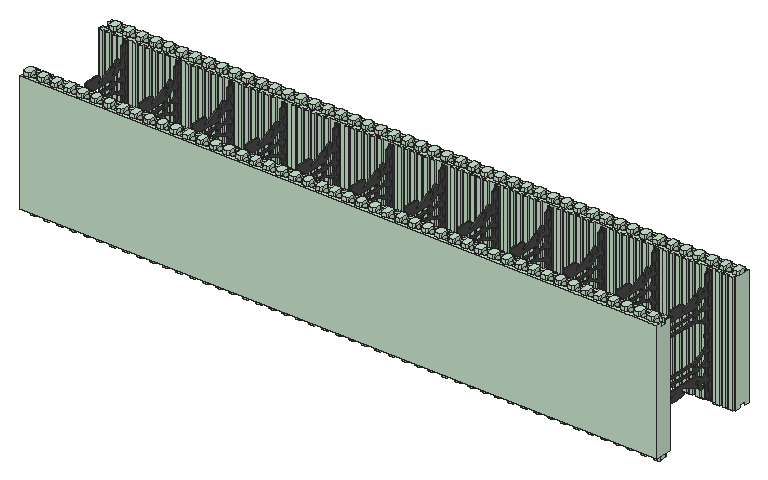
Revit family (continued)
Forms (in)
  Extrusion 44, void
    sketch origin (84, -3, 0) x (1, 0, 0) y (0, 1, 0)
      loop
        arc (1.17308, -3.73905) -> (1.04785, -3.82983) -> (1, -3.97692) r 0.25
        line (1, -3.97692) -> (1, -4.89808)
    from 18 to 17.5
  Extrusion 45, void
    sketch origin (86, -3, 0) x (1, 0, 0) y (0, 1, 0)
      loop
        arc (1, -4.89808) -> (1.04785, -5.04517) -> (1.17308, -5.13595) r 0.25
        arc (1.17308, -5.13595) -> (1.5, -5.1875) -> (1.82692, -5.13595) r 1.0625
        arc (1.82692, -5.13595) -> (1.95215, -5.04517) -> (2, -4.89808) r 0.25
        line (2, -4.89808) -> (2, -3.97692)
        arc (2, -3.97692) -> (1.98276, -3.88568) -> (1.9334, -3.80702) r 0.25
        arc (1.9334, -3.80702) -> (1.92106, -3.78736) -> (1.91675, -3.76455) r 0.0625
        line (1.91675, -3.76455) -> (1.91675, -3.41845) -> (1.74592, -3.41845) -> (1.74592, -3.64005)
        arc (1.74592, -3.64005) -> (1.72385, -3.68771) -> (1.67323, -3.70172) r 0.0625
        arc (1.67323, -3.70172) -> (1.42092, -3.69045) -> (1.17308, -3.73905) r 1.0625
        arc (1.17308, -3.73905) -> (1.04785, -3.82983) -> (1, -3.97692) r 0.25
        line (1, -3.97692) -> (1, -4.89808)
    from 18 to 17.5
  Extrusion 46, void
    sketch origin (88, -3, 0) x (1, 0, 0) y (0, 1, 0)
      loop
        arc (1, -4.89808) -> (1.04785, -5.04517) -> (1.17308, -5.13595) r 0.25
        arc (1.17308, -5.13595) -> (1.5, -5.1875) -> (1.82692, -5.13595) r 1.0625
        arc (1.82692, -5.13595) -> (1.95215, -5.04517) -> (2, -4.89808) r 0.25
        line (2, -4.89808) -> (2, -3.97692)
        arc (2, -3.97692) -> (1.98276, -3.88568) -> (1.9334, -3.80702) r 0.25
        arc (1.9334, -3.80702) -> (1.92106, -3.78736) -> (1.91675, -3.76455) r 0.0625
        line (1.91675, -3.76455) -> (1.91675, -3.41845) -> (1.74592, -3.41845) -> (1.74592, -3.64005)
        arc (1.74592, -3.64005) -> (1.72385, -3.68771) -> (1.67323, -3.70172) r 0.0625
        arc (1.67323, -3.70172) -> (1.42092, -3.69045) -> (1.17308, -3.73905) r 1.0625
        arc (1.17308, -3.73905) -> (1.04785, -3.82983) -> (1, -3.97692) r 0.25
        line (1, -3.97692) -> (1, -4.89808)
    from 18 to 17.5
  Extrusion 47, void
    sketch origin (90, -3, 0) x (1, 0, 0) y (0, 1, 0)
      loop
        arc (1, -4.89808) -> (1.04785, -5.04517) -> (1.17308, -5.13595) r 0.25
        arc (1.17308, -5.13595) -> (1.5, -5.1875) -> (1.82692, -5.13595) r 1.0625
        arc (1.82692, -5.13595) -> (1.95215, -5.04517) -> (2, -4.89808) r 0.25
        line (2, -4.89808) -> (2, -3.97692)
        arc (2, -3.97692) -> (1.98276, -3.88568) -> (1.9334, -3.80702) r 0.25
        arc (1.9334, -3.80702) -> (1.92106, -3.78736) -> (1.91675, -3.76455) r 0.0625
        line (1.91675, -3.76455) -> (1.91675, -3.41845) -> (1.74592, -3.41845) -> (1.74592, -3.64005)
        arc (1.74592, -3.64005) -> (1.72385, -3.68771) -> (1.67323, -3.70172) r 0.0625
        arc (1.67323, -3.70172) -> (1.42092, -3.69045) -> (1.17308, -3.73905) r 1.0625
        arc (1.17308, -3.73905) -> (1.04785, -3.82983) -> (1, -3.97692) r 0.25
        line (1, -3.97692) -> (1, -4.89808)
    from 18 to 17.5
  Extrusion 48, void
    sketch origin (92, -3, 0) x (1, 0, 0) y (0, 1, 0)
      loop
        arc (1, -4.89808) -> (1.04785, -5.04517) -> (1.17308, -5.13595) r 0.25
        arc (1.17308, -5.13595) -> (1.5, -5.1875) -> (1.82692, -5.13595) r 1.0625
        arc (1.82692, -5.13595) -> (1.95215, -5.04517) -> (2, -4.89808) r 0.25
        line (2, -4.89808) -> (2, -3.97692)
        arc (2, -3.97692) -> (1.98276, -3.88568) -> (1.9334, -3.80702) r 0.25
        arc (1.9334, -3.80702) -> (1.92106, -3.78736) -> (1.91675, -3.76455) r 0.0625
        line (1.91675, -3.76455) -> (1.91675, -3.41845) -> (1.74592, -3.41845) -> (1.74592, -3.64005)
        arc (1.74592, -3.64005) -> (1.72385, -3.68771) -> (1.67323, -3.70172) r 0.0625
        arc (1.67323, -3.70172) -> (1.42092, -3.69045) -> (1.17308, -3.73905) r 1.0625
        arc (1.17308, -3.73905) -> (1.04785, -3.82983) -> (1, -3.97692) r 0.25
        line (1, -3.97692) -> (1, -4.89808)
    from 18 to 17.5
  Extrusion 49, void
    sketch origin (94, -3, 0) x (1, 0, 0) y (0, 1, 0)
      loop
        arc (1, -4.89808) -> (1.04785, -5.04517) -> (1.17308, -5.13595) r 0.25
        arc (1.17308, -5.13595) -> (1.5, -5.1875) -> (1.82692, -5.13595) r 1.0625
        arc (1.82692, -5.13595) -> (1.95215, -5.04517) -> (2, -4.89808) r 0.25
        line (2, -4.89808) -> (2, -3.97692)
        arc (2, -3.97692) -> (1.98276, -3.88568) -> (1.9334, -3.80702) r 0.25
        arc (1.9334, -3.80702) -> (1.92106, -3.78736) -> (1.91675, -3.76455) r 0.0625
        line (1.91675, -3.76455) -> (1.91675, -3.41845) -> (1.74592, -3.41845) -> (1.74592, -3.64005)
        arc (1.74592, -3.64005) -> (1.72385, -3.68771) -> (1.67323, -3.70172) r 0.0625
        arc (1.67323, -3.70172) -> (1.42092, -3.69045) -> (1.17308, -3.73905) r 1.0625
        arc (1.17308, -3.73905) -> (1.04785, -3.82983) -> (1, -3.97692) r 0.25
        line (1, -3.97692) -> (1, -4.89808)
    from 18 to 17.5
  Extrusion 50, void
    sketch origin (96, 3, 0) x (-1, 0, 0) y (0, -1, 0)
      loop
        arc (1, -4.89808) -> (1.04785, -5.04517) -> (1.17308, -5.13595) r 0.25
        arc (1.17308, -5.13595) -> (1.5, -5.1875) -> (1.82692, -5.13595) r 1.0625
        arc (1.82692, -5.13595) -> (1.95215, -5.04517) -> (2, -4.89808) r 0.25
        line (2, -4.89808) -> (2, -3.97692)
        arc (2, -3.97692) -> (1.98276, -3.88568) -> (1.9334, -3.80702) r 0.25
        arc (1.9334, -3.80702) -> (1.92106, -3.78736) -> (1.91675, -3.76455) r 0.0625
        line (1.91675, -3.76455) -> (1.91675, -3.41845) -> (1.74592, -3.41845) -> (1.74592, -3.64005)
        arc (1.74592, -3.64005) -> (1.72385, -3.68771) -> (1.67323, -3.70172) r 0.0625
        arc (1.67323, -3.70172) -> (1.42092, -3.69045) -> (1.17308, -3.73905) r 1.0625
        arc (1.17308, -3.73905) -> (1.04785, -3.82983) -> (1, -3.97692) r 0.25
        line (1, -3.97692) -> (1, -4.89808)
    from 18 to 17.5
  Extrusion 51, void
    sketch origin (94, 3, 0) x (-1, 0, 0) y (0, -1, 0)
      loop
        arc (1, -4.89808) -> (1.04785, -5.04517) -> (1.17308, -5.13595) r 0.25
        arc (1.17308, -5.13595) -> (1.5, -5.1875) -> (1.82692, -5.13595) r 1.0625
        arc (1.82692, -5.13595) -> (1.95215, -5.04517) -> (2, -4.89808) r 0.25
        line (2, -4.89808) -> (2, -3.97692)
        arc (2, -3.97692) -> (1.98276, -3.88568) -> (1.9334, -3.80702) r 0.25
        arc (1.9334, -3.80702) -> (1.92106, -3.78736) -> (1.91675, -3.76455) r 0.0625
        line (1.91675, -3.76455) -> (1.91675, -3.41845) -> (1.74592, -3.41845) -> (1.74592, -3.64005)
        arc (1.74592, -3.64005) -> (1.72385, -3.68771) -> (1.67323, -3.70172) r 0.0625
        arc (1.67323, -3.70172) -> (1.42092, -3.69045) -> (1.17308, -3.73905) r 1.0625
        arc (1.17308, -3.73905) -> (1.04785, -3.82983) -> (1, -3.97692) r 0.25
        line (1, -3.97692) -> (1, -4.89808)
    from 18 to 17.5
  Extrusion 52, void
    sketch origin (92, 3, 0) x (-1, 0, 0) y (0, -1, 0)
      loop
        arc (1, -4.89808) -> (1.04785, -5.04517) -> (1.17308, -5.13595) r 0.25
        arc (1.17308, -5.13595) -> (1.5, -5.1875) -> (1.82692, -5.13595) r 1.0625
        arc (1.82692, -5.13595) -> (1.95215, -5.04517) -> (2, -4.89808) r 0.25
        line (2, -4.89808) -> (2, -3.97692)
        arc (2, -3.97692) -> (1.98276, -3.88568) -> (1.9334, -3.80702) r 0.25
        arc (1.9334, -3.80702) -> (1.92106, -3.78736) -> (1.91675, -3.76455) r 0.0625
        line (1.91675, -3.76455) -> (1.91675, -3.41845) -> (1.74592, -3.41845) -> (1.74592, -3.64005)
        arc (1.74592, -3.64005) -> (1.72385, -3.68771) -> (1.67323, -3.70172) r 0.0625
        arc (1.67323, -3.70172) -> (1.42092, -3.69045) -> (1.17308, -3.73905) r 1.0625
        arc (1.17308, -3.73905) -> (1.04785, -3.82983) -> (1, -3.97692) r 0.25
        line (1, -3.97692) -> (1, -4.89808)
    from 18 to 17.5
  Extrusion 53, void
    sketch origin (90, 3, 0) x (-1, 0, 0) y (0, -1, 0)
      loop
        arc (1, -4.89808) -> (1.04785, -5.04517) -> (1.17308, -5.13595) r 0.25
        arc (1.17308, -5.13595) -> (1.5, -5.1875) -> (1.82692, -5.13595) r 1.0625
        arc (1.82692, -5.13595) -> (1.95215, -5.04517) -> (2, -4.89808) r 0.25
        line (2, -4.89808) -> (2, -3.97692)
        arc (2, -3.97692) -> (1.98276, -3.88568) -> (1.9334, -3.80702) r 0.25
        arc (1.9334, -3.80702) -> (1.92106, -3.78736) -> (1.91675, -3.76455) r 0.0625
        line (1.91675, -3.76455) -> (1.91675, -3.41845) -> (1.74592, -3.41845) -> (1.74592, -3.64005)
        arc (1.74592, -3.64005) -> (1.72385, -3.68771) -> (1.67323, -3.70172) r 0.0625
        arc (1.67323, -3.70172) -> (1.42092, -3.69045) -> (1.17308, -3.73905) r 1.0625
        arc (1.17308, -3.73905) -> (1.04785, -3.82983) -> (1, -3.97692) r 0.25
        line (1, -3.97692) -> (1, -4.89808)
    from 18 to 17.5
  Extrusion 54, void
    sketch origin (88, 3, 0) x (-1, 0, 0) y (0, -1, 0)
      loop
        arc (1, -4.89808) -> (1.04785, -5.04517) -> (1.17308, -5.13595) r 0.25
        arc (1.17308, -5.13595) -> (1.5, -5.1875) -> (1.82692, -5.13595) r 1.0625
        arc (1.82692, -5.13595) -> (1.95215, -5.04517) -> (2, -4.89808) r 0.25
        line (2, -4.89808) -> (2, -3.97692)
        arc (2, -3.97692) -> (1.98276, -3.88568) -> (1.9334, -3.80702) r 0.25
        arc (1.9334, -3.80702) -> (1.92106, -3.78736) -> (1.91675, -3.76455) r 0.0625
        line (1.91675, -3.76455) -> (1.91675, -3.41845) -> (1.74592, -3.41845) -> (1.74592, -3.64005)
        arc (1.74592, -3.64005) -> (1.72385, -3.68771) -> (1.67323, -3.70172) r 0.0625
        arc (1.67323, -3.70172) -> (1.42092, -3.69045) -> (1.17308, -3.73905) r 1.0625
        arc (1.17308, -3.73905) -> (1.04785, -3.82983) -> (1, -3.97692) r 0.25
        line (1, -3.97692) -> (1, -4.89808)
    from 18 to 17.5
  Extrusion 55, void
    sketch origin (86, 3, 0) x (-1, 0, 0) y (0, -1, 0)
      loop
        arc (1, -4.89808) -> (1.04785, -5.04517) -> (1.17308, -5.13595) r 0.25
        arc (1.17308, -5.13595) -> (1.5, -5.1875) -> (1.82692, -5.13595) r 1.0625
        arc (1.82692, -5.13595) -> (1.95215, -5.04517) -> (2, -4.89808) r 0.25
        line (2, -4.89808) -> (2, -3.97692)
        arc (2, -3.97692) -> (1.98276, -3.88568) -> (1.9334, -3.80702) r 0.25
        arc (1.9334, -3.80702) -> (1.92106, -3.78736) -> (1.91675, -3.76455) r 0.0625
        line (1.91675, -3.76455) -> (1.91675, -3.41845) -> (1.74592, -3.41845) -> (1.74592, -3.64005)
        arc (1.74592, -3.64005) -> (1.72385, -3.68771) -> (1.67323, -3.70172) r 0.0625
        arc (1.67323, -3.70172) -> (1.42092, -3.69045) -> (1.17308, -3.73905) r 1.0625
        arc (1.17308, -3.73905) -> (1.04785, -3.82983) -> (1, -3.97692) r 0.25
        line (1, -3.97692) -> (1, -4.89808)
    from 18 to 17.5
  Extrusion 56, void
    sketch origin (84, 3, 0) x (-1, 0, 0) y (0, -1, 0)
      loop
        arc (1, -4.89808) -> (1.04785, -5.04517) -> (1.17308, -5.13595) r 0.25
        arc (1.17308, -5.13595) -> (1.5, -5.1875) -> (1.82692, -5.13595) r 1.0625
        arc (1.82692, -5.13595) -> (1.95215, -5.04517) -> (2, -4.89808) r 0.25
        line (2, -4.89808) -> (2, -3.97692)
        arc (2, -3.97692) -> (1.98276, -3.88568) -> (1.9334, -3.80702) r 0.25
        arc (1.9334, -3.80702) -> (1.92106, -3.78736) -> (1.91675, -3.76455) r 0.0625
        line (1.91675, -3.76455) -> (1.91675, -3.41845) -> (1.74592, -3.41845) -> (1.74592, -3.64005)
        arc (1.74592, -3.64005) -> (1.72385, -3.68771) -> (1.67323, -3.70172) r 0.0625
        arc (1.67323, -3.70172) -> (1.42092, -3.69045) -> (1.17308, -3.73905) r 1.0625
        arc (1.17308, -3.73905) -> (1.04785, -3.82983) -> (1, -3.97692) r 0.25
        line (1, -3.97692) -> (1, -4.89808)
    from 18 to 17.5
  Extrusion 57, void
    sketch origin (82, 3, 0) x (-1, 0, 0) y (0, -1, 0)
      loop
        arc (1, -4.89808) -> (1.04785, -5.04517) -> (1.17308, -5.13595) r 0.25
        arc (1.17308, -5.13595) -> (1.5, -5.1875) -> (1.82692, -5.13595) r 1.0625
        arc (1.82692, -5.13595) -> (1.95215, -5.04517) -> (2, -4.89808) r 0.25
        line (2, -4.89808) -> (2, -3.97692)
        arc (2, -3.97692) -> (1.98276, -3.88568) -> (1.9334, -3.80702) r 0.25
        arc (1.9334, -3.80702) -> (1.92106, -3.78736) -> (1.91675, -3.76455) r 0.0625
        line (1.91675, -3.76455) -> (1.91675, -3.41845) -> (1.74592, -3.41845) -> (1.74592, -3.64005)
        arc (1.74592, -3.64005) -> (1.72385, -3.68771) -> (1.67323, -3.70172) r 0.0625
        arc (1.67323, -3.70172) -> (1.42092, -3.69045) -> (1.17308, -3.73905) r 1.0625
        arc (1.17308, -3.73905) -> (1.04785, -3.82983) -> (1, -3.97692) r 0.25
        line (1, -3.97692) -> (1, -4.89808)
    from 18 to 17.5
  Extrusion 58, void
    sketch origin (80, 3, 0) x (-1, 0, 0) y (0, -1, 0)
      loop
        arc (1, -4.89808) -> (1.04785, -5.04517) -> (1.17308, -5.13595) r 0.25
        arc (1.17308, -5.13595) -> (1.5, -5.1875) -> (1.82692, -5.13595) r 1.0625
        arc (1.82692, -5.13595) -> (1.95215, -5.04517) -> (2, -4.89808) r 0.25
        line (2, -4.89808) -> (2, -3.97692)
        arc (2, -3.97692) -> (1.98276, -3.88568) -> (1.9334, -3.80702) r 0.25
        arc (1.9334, -3.80702) -> (1.92106, -3.78736) -> (1.91675, -3.76455) r 0.0625
        line (1.91675, -3.76455) -> (1.91675, -3.41845) -> (1.74592, -3.41845) -> (1.74592, -3.64005)
        arc (1.74592, -3.64005) -> (1.72385, -3.68771) -> (1.67323, -3.70172) r 0.0625
        arc (1.67323, -3.70172) -> (1.42092, -3.69045) -> (1.17308, -3.73905) r 1.0625
        arc (1.17308, -3.73905) -> (1.04785, -3.82983) -> (1, -3.97692) r 0.25
        line (1, -3.97692) -> (1, -4.89808)
    from 18 to 17.5
  Extrusion 59, void
    sketch origin (78, 3, 0) x (-1, 0, 0) y (0, -1, 0)
      loop
        arc (1, -4.89808) -> (1.04785, -5.04517) -> (1.17308, -5.13595) r 0.25
        arc (1.17308, -5.13595) -> (1.5, -5.1875) -> (1.82692, -5.13595) r 1.0625
        arc (1.82692, -5.13595) -> (1.95215, -5.04517) -> (2, -4.89808) r 0.25
        line (2, -4.89808) -> (2, -3.97692)
        arc (2, -3.97692) -> (1.98276, -3.88568) -> (1.9334, -3.80702) r 0.25
        arc (1.9334, -3.80702) -> (1.92106, -3.78736) -> (1.91675, -3.76455) r 0.0625
        line (1.91675, -3.76455) -> (1.91675, -3.41845) -> (1.74592, -3.41845) -> (1.74592, -3.64005)
        arc (1.74592, -3.64005) -> (1.72385, -3.68771) -> (1.67323, -3.70172) r 0.0625
        arc (1.67323, -3.70172) -> (1.42092, -3.69045) -> (1.17308, -3.73905) r 1.0625
        arc (1.17308, -3.73905) -> (1.04785, -3.82983) -> (1, -3.97692) r 0.25
        line (1, -3.97692) -> (1, -4.89808)
    from 18 to 17.5
  Extrusion 60, void
    sketch origin (76, 3, 0) x (-1, 0, 0) y (0, -1, 0)
      loop
        arc (1, -4.89808) -> (1.04785, -5.04517) -> (1.17308, -5.13595) r 0.25
        arc (1.17308, -5.13595) -> (1.5, -5.1875) -> (1.82692, -5.13595) r 1.0625
        arc (1.82692, -5.13595) -> (1.95215, -5.04517) -> (2, -4.89808) r 0.25
        line (2, -4.89808) -> (2, -3.97692)
        arc (2, -3.97692) -> (1.98276, -3.88568) -> (1.9334, -3.80702) r 0.25
        arc (1.9334, -3.80702) -> (1.92106, -3.78736) -> (1.91675, -3.76455) r 0.0625
        line (1.91675, -3.76455) -> (1.91675, -3.41845) -> (1.74592, -3.41845) -> (1.74592, -3.64005)
        arc (1.74592, -3.64005) -> (1.72385, -3.68771) -> (1.67323, -3.70172) r 0.0625
        arc (1.67323, -3.70172) -> (1.42092, -3.69045) -> (1.17308, -3.73905) r 1.0625
        arc (1.17308, -3.73905) -> (1.04785, -3.82983) -> (1, -3.97692) r 0.25
        line (1, -3.97692) -> (1, -4.89808)
    from 18 to 17.5
  Extrusion 61, void
    sketch origin (74, 3, 0) x (-1, 0, 0) y (0, -1, 0)
      loop
        arc (1, -4.89808) -> (1.04785, -5.04517) -> (1.17308, -5.13595) r 0.25
        arc (1.17308, -5.13595) -> (1.5, -5.1875) -> (1.82692, -5.13595) r 1.0625
        arc (1.82692, -5.13595) -> (1.95215, -5.04517) -> (2, -4.89808) r 0.25
        line (2, -4.89808) -> (2, -3.97692)
        arc (2, -3.97692) -> (1.98276, -3.88568) -> (1.9334, -3.80702) r 0.25
        arc (1.9334, -3.80702) -> (1.92106, -3.78736) -> (1.91675, -3.76455) r 0.0625
        line (1.91675, -3.76455) -> (1.91675, -3.41845) -> (1.74592, -3.41845) -> (1.74592, -3.64005)
        arc (1.74592, -3.64005) -> (1.72385, -3.68771) -> (1.67323, -3.70172) r 0.0625
        arc (1.67323, -3.70172) -> (1.42092, -3.69045) -> (1.17308, -3.73905) r 1.0625
        arc (1.17308, -3.73905) -> (1.04785, -3.82983) -> (1, -3.97692) r 0.25
        line (1, -3.97692) -> (1, -4.89808)
    from 18 to 17.5
  Extrusion 62, void
    sketch origin (72, 3, 0) x (-1, 0, 0) y (0, -1, 0)
      loop
        arc (1, -4.89808) -> (1.04785, -5.04517) -> (1.17308, -5.13595) r 0.25
        arc (1.17308, -5.13595) -> (1.5, -5.1875) -> (1.82692, -5.13595) r 1.0625
        arc (1.82692, -5.13595) -> (1.95215, -5.04517) -> (2, -4.89808) r 0.25
        line (2, -4.89808) -> (2, -3.97692)
        arc (2, -3.97692) -> (1.98276, -3.88568) -> (1.9334, -3.80702) r 0.25
        arc (1.9334, -3.80702) -> (1.92106, -3.78736) -> (1.91675, -3.76455) r 0.0625
        line (1.91675, -3.76455) -> (1.91675, -3.41845) -> (1.74592, -3.41845) -> (1.74592, -3.64005)
        arc (1.74592, -3.64005) -> (1.72385, -3.68771) -> (1.67323, -3.70172) r 0.0625
        arc (1.67323, -3.70172) -> (1.42092, -3.69045) -> (1.17308, -3.73905) r 1.0625
        arc (1.17308, -3.73905) -> (1.04785, -3.82983) -> (1, -3.97692) r 0.25
        line (1, -3.97692) -> (1, -4.89808)
    from 18 to 17.5
  Extrusion 63, void
    sketch origin (70, 3, 0) x (-1, 0, 0) y (0, -1, 0)
      loop
        arc (1, -4.89808) -> (1.04785, -5.04517) -> (1.17308, -5.13595) r 0.25
        arc (1.17308, -5.13595) -> (1.5, -5.1875) -> (1.82692, -5.13595) r 1.0625
        arc (1.82692, -5.13595) -> (1.95215, -5.04517) -> (2, -4.89808) r 0.25
        line (2, -4.89808) -> (2, -3.97692)
        arc (2, -3.97692) -> (1.98276, -3.88568) -> (1.9334, -3.80702) r 0.25
        arc (1.9334, -3.80702) -> (1.92106, -3.78736) -> (1.91675, -3.76455) r 0.0625
        line (1.91675, -3.76455) -> (1.91675, -3.41845) -> (1.74592, -3.41845) -> (1.74592, -3.64005)
        arc (1.74592, -3.64005) -> (1.72385, -3.68771) -> (1.67323, -3.70172) r 0.0625
        arc (1.67323, -3.70172) -> (1.42092, -3.69045) -> (1.17308, -3.73905) r 1.0625
        arc (1.17308, -3.73905) -> (1.04785, -3.82983) -> (1, -3.97692) r 0.25
        line (1, -3.97692) -> (1, -4.89808)
    from 18 to 17.5
  Extrusion 64, void
    sketch origin (68, 3, 0) x (-1, 0, 0) y (0, -1, 0)
      loop
        arc (1, -4.89808) -> (1.04785, -5.04517) -> (1.17308, -5.13595) r 0.25
        arc (1.17308, -5.13595) -> (1.5, -5.1875) -> (1.82692, -5.13595) r 1.0625
        arc (1.82692, -5.13595) -> (1.95215, -5.04517) -> (2, -4.89808) r 0.25
        line (2, -4.89808) -> (2, -3.97692)
        arc (2, -3.97692) -> (1.98276, -3.88568) -> (1.9334, -3.80702) r 0.25
        arc (1.9334, -3.80702) -> (1.92106, -3.78736) -> (1.91675, -3.76455) r 0.0625
        line (1.91675, -3.76455) -> (1.91675, -3.41845) -> (1.74592, -3.41845) -> (1.74592, -3.64005)
        arc (1.74592, -3.64005) -> (1.72385, -3.68771) -> (1.67323, -3.70172) r 0.0625
        arc (1.67323, -3.70172) -> (1.42092, -3.69045) -> (1.17308, -3.73905) r 1.0625
        arc (1.17308, -3.73905) -> (1.04785, -3.82983) -> (1, -3.97692) r 0.25
        line (1, -3.97692) -> (1, -4.89808)
    from 18 to 17.5
  Extrusion 65, void
    sketch origin (66, 3, 0) x (-1, 0, 0) y (0, -1, 0)
      loop
        arc (1, -4.89808) -> (1.04785, -5.04517) -> (1.17308, -5.13595) r 0.25
        arc (1.17308, -5.13595) -> (1.5, -5.1875) -> (1.82692, -5.13595) r 1.0625
        arc (1.82692, -5.13595) -> (1.95215, -5.04517) -> (2, -4.89808) r 0.25
        line (2, -4.89808) -> (2, -3.97692)
        arc (2, -3.97692) -> (1.98276, -3.88568) -> (1.9334, -3.80702) r 0.25
        arc (1.9334, -3.80702) -> (1.92106, -3.78736) -> (1.91675, -3.76455) r 0.0625
        line (1.91675, -3.76455) -> (1.91675, -3.41845) -> (1.74592, -3.41845) -> (1.74592, -3.64005)
        arc (1.74592, -3.64005) -> (1.72385, -3.68771) -> (1.67323, -3.70172) r 0.0625
        arc (1.67323, -3.70172) -> (1.42092, -3.69045) -> (1.17308, -3.73905) r 1.0625
        arc (1.17308, -3.73905) -> (1.04785, -3.82983) -> (1, -3.97692) r 0.25
        line (1, -3.97692) -> (1, -4.89808)
    from 18 to 17.5
  Extrusion 66, void
    sketch origin (64, 3, 0) x (-1, 0, 0) y (0, -1, 0)
      loop
        arc (1, -4.89808) -> (1.04785, -5.04517) -> (1.17308, -5.13595) r 0.25
        arc (1.17308, -5.13595) -> (1.5, -5.1875) -> (1.82692, -5.13595) r 1.0625
        arc (1.82692, -5.13595) -> (1.95215, -5.04517) -> (2, -4.89808) r 0.25
        line (2, -4.89808) -> (2, -3.97692)
        arc (2, -3.97692) -> (1.98276, -3.88568) -> (1.9334, -3.80702) r 0.25
        arc (1.9334, -3.80702) -> (1.92106, -3.78736) -> (1.91675, -3.76455) r 0.0625
        line (1.91675, -3.76455) -> (1.91675, -3.41845) -> (1.74592, -3.41845) -> (1.74592, -3.64005)
        arc (1.74592, -3.64005) -> (1.72385, -3.68771) -> (1.67323, -3.70172) r 0.0625
        arc (1.67323, -3.70172) -> (1.42092, -3.69045) -> (1.17308, -3.73905) r 1.0625
        arc (1.17308, -3.73905) -> (1.04785, -3.82983) -> (1, -3.97692) r 0.25
        line (1, -3.97692) -> (1, -4.89808)
    from 18 to 17.5
  Extrusion 67, void
    sketch origin (62, 3, 0) x (-1, 0, 0) y (0, -1, 0)
      loop
        arc (1, -4.89808) -> (1.04785, -5.04517) -> (1.17308, -5.13595) r 0.25
        arc (1.17308, -5.13595) -> (1.5, -5.1875) -> (1.82692, -5.13595) r 1.0625
        arc (1.82692, -5.13595) -> (1.95215, -5.04517) -> (2, -4.89808) r 0.25
        line (2, -4.89808) -> (2, -3.97692)
        arc (2, -3.97692) -> (1.98276, -3.88568) -> (1.9334, -3.80702) r 0.25
        arc (1.9334, -3.80702) -> (1.92106, -3.78736) -> (1.91675, -3.76455) r 0.0625
        line (1.91675, -3.76455) -> (1.91675, -3.41845) -> (1.74592, -3.41845) -> (1.74592, -3.64005)
        arc (1.74592, -3.64005) -> (1.72385, -3.68771) -> (1.67323, -3.70172) r 0.0625
        arc (1.67323, -3.70172) -> (1.42092, -3.69045) -> (1.17308, -3.73905) r 1.0625
        arc (1.17308, -3.73905) -> (1.04785, -3.82983) -> (1, -3.97692) r 0.25
        line (1, -3.97692) -> (1, -4.89808)
    from 18 to 17.5
  Extrusion 68, void
    sketch origin (60, 3, 0) x (-1, 0, 0) y (0, -1, 0)
      loop
        arc (1, -4.89808) -> (1.04785, -5.04517) -> (1.17308, -5.13595) r 0.25
        arc (1.17308, -5.13595) -> (1.5, -5.1875) -> (1.82692, -5.13595) r 1.0625
        arc (1.82692, -5.13595) -> (1.95215, -5.04517) -> (2, -4.89808) r 0.25
        line (2, -4.89808) -> (2, -3.97692)
        arc (2, -3.97692) -> (1.98276, -3.88568) -> (1.9334, -3.80702) r 0.25
        arc (1.9334, -3.80702) -> (1.92106, -3.78736) -> (1.91675, -3.76455) r 0.0625
        line (1.91675, -3.76455) -> (1.91675, -3.41845) -> (1.74592, -3.41845) -> (1.74592, -3.64005)
        arc (1.74592, -3.64005) -> (1.72385, -3.68771) -> (1.67323, -3.70172) r 0.0625
        arc (1.67323, -3.70172) -> (1.42092, -3.69045) -> (1.17308, -3.73905) r 1.0625
        arc (1.17308, -3.73905) -> (1.04785, -3.82983) -> (1, -3.97692) r 0.25
        line (1, -3.97692) -> (1, -4.89808)
    from 18 to 17.5
  Extrusion 69, void
    sketch origin (58, 3, 0) x (-1, 0, 0) y (0, -1, 0)
      loop
        arc (1, -4.89808) -> (1.04785, -5.04517) -> (1.17308, -5.13595) r 0.25
        arc (1.17308, -5.13595) -> (1.5, -5.1875) -> (1.82692, -5.13595) r 1.0625
        arc (1.82692, -5.13595) -> (1.95215, -5.04517) -> (2, -4.89808) r 0.25
        line (2, -4.89808) -> (2, -3.97692)
        arc (2, -3.97692) -> (1.98276, -3.88568) -> (1.9334, -3.80702) r 0.25
        arc (1.9334, -3.80702) -> (1.92106, -3.78736) -> (1.91675, -3.76455) r 0.0625
        line (1.91675, -3.76455) -> (1.91675, -3.41845) -> (1.74592, -3.41845) -> (1.74592, -3.64005)
        arc (1.74592, -3.64005) -> (1.72385, -3.68771) -> (1.67323, -3.70172) r 0.0625
        arc (1.67323, -3.70172) -> (1.42092, -3.69045) -> (1.17308, -3.73905) r 1.0625
        arc (1.17308, -3.73905) -> (1.04785, -3.82983) -> (1, -3.97692) r 0.25
        line (1, -3.97692) -> (1, -4.89808)
    from 18 to 17.5
  Extrusion 70, void
    sketch origin (56, 3, 0) x (-1, 0, 0) y (0, -1, 0)
      loop
        arc (1, -4.89808) -> (1.04785, -5.04517) -> (1.17308, -5.13595) r 0.25
        arc (1.17308, -5.13595) -> (1.5, -5.1875) -> (1.82692, -5.13595) r 1.0625
        arc (1.82692, -5.13595) -> (1.95215, -5.04517) -> (2, -4.89808) r 0.25
        line (2, -4.89808) -> (2, -3.97692)
        arc (2, -3.97692) -> (1.98276, -3.88568) -> (1.9334, -3.80702) r 0.25
        arc (1.9334, -3.80702) -> (1.92106, -3.78736) -> (1.91675, -3.76455) r 0.0625
        line (1.91675, -3.76455) -> (1.91675, -3.41845) -> (1.74592, -3.41845) -> (1.74592, -3.64005)
        arc (1.74592, -3.64005) -> (1.72385, -3.68771) -> (1.67323, -3.70172) r 0.0625
        arc (1.67323, -3.70172) -> (1.42092, -3.69045) -> (1.17308, -3.73905) r 1.0625
        arc (1.17308, -3.73905) -> (1.04785, -3.82983) -> (1, -3.97692) r 0.25
        line (1, -3.97692) -> (1, -4.89808)
    from 18 to 17.5
  Extrusion 71, void
    sketch origin (54, 3, 0) x (-1, 0, 0) y (0, -1, 0)
      loop
        arc (1, -4.89808) -> (1.04785, -5.04517) -> (1.17308, -5.13595) r 0.25
        arc (1.17308, -5.13595) -> (1.5, -5.1875) -> (1.82692, -5.13595) r 1.0625
        arc (1.82692, -5.13595) -> (1.95215, -5.04517) -> (2, -4.89808) r 0.25
        line (2, -4.89808) -> (2, -3.97692)
        arc (2, -3.97692) -> (1.98276, -3.88568) -> (1.9334, -3.80702) r 0.25
        arc (1.9334, -3.80702) -> (1.92106, -3.78736) -> (1.91675, -3.76455) r 0.0625
        line (1.91675, -3.76455) -> (1.91675, -3.41845) -> (1.74592, -3.41845) -> (1.74592, -3.64005)
        arc (1.74592, -3.64005) -> (1.72385, -3.68771) -> (1.67323, -3.70172) r 0.0625
        arc (1.67323, -3.70172) -> (1.42092, -3.69045) -> (1.17308, -3.73905) r 1.0625
        arc (1.17308, -3.73905) -> (1.04785, -3.82983) -> (1, -3.97692) r 0.25
        line (1, -3.97692) -> (1, -4.89808)
    from 18 to 17.5
  Extrusion 72, void
    sketch origin (52, 3, 0) x (-1, 0, 0) y (0, -1, 0)
      loop
        arc (1, -4.89808) -> (1.04785, -5.04517) -> (1.17308, -5.13595) r 0.25
        arc (1.17308, -5.13595) -> (1.5, -5.1875) -> (1.82692, -5.13595) r 1.0625
        arc (1.82692, -5.13595) -> (1.95215, -5.04517) -> (2, -4.89808) r 0.25
        line (2, -4.89808) -> (2, -3.97692)
        arc (2, -3.97692) -> (1.98276, -3.88568) -> (1.9334, -3.80702) r 0.25
        arc (1.9334, -3.80702) -> (1.92106, -3.78736) -> (1.91675, -3.76455) r 0.0625
        line (1.91675, -3.76455) -> (1.91675, -3.41845) -> (1.74592, -3.41845) -> (1.74592, -3.64005)
        arc (1.74592, -3.64005) -> (1.72385, -3.68771) -> (1.67323, -3.70172) r 0.0625
        arc (1.67323, -3.70172) -> (1.42092, -3.69045) -> (1.17308, -3.73905) r 1.0625
        arc (1.17308, -3.73905) -> (1.04785, -3.82983) -> (1, -3.97692) r 0.25
        line (1, -3.97692) -> (1, -4.89808)
    from 18 to 17.5
  Extrusion 73, void
    sketch origin (50, 3, 0) x (-1, 0, 0) y (0, -1, 0)
      loop
        arc (1, -4.89808) -> (1.04785, -5.04517) -> (1.17308, -5.13595) r 0.25
        arc (1.17308, -5.13595) -> (1.5, -5.1875) -> (1.82692, -5.13595) r 1.0625
        arc (1.82692, -5.13595) -> (1.95215, -5.04517) -> (2, -4.89808) r 0.25
        line (2, -4.89808) -> (2, -3.97692)
        arc (2, -3.97692) -> (1.98276, -3.88568) -> (1.9334, -3.80702) r 0.25
        arc (1.9334, -3.80702) -> (1.92106, -3.78736) -> (1.91675, -3.76455) r 0.0625
        line (1.91675, -3.76455) -> (1.91675, -3.41845) -> (1.74592, -3.41845) -> (1.74592, -3.64005)
        arc (1.74592, -3.64005) -> (1.72385, -3.68771) -> (1.67323, -3.70172) r 0.0625
        arc (1.67323, -3.70172) -> (1.42092, -3.69045) -> (1.17308, -3.73905) r 1.0625
        arc (1.17308, -3.73905) -> (1.04785, -3.82983) -> (1, -3.97692) r 0.25
        line (1, -3.97692) -> (1, -4.89808)
    from 18 to 17.5
  Extrusion 74, void
    sketch origin (48, 3, 0) x (-1, 0, 0) y (0, -1, 0)
      loop
        arc (1, -4.89808) -> (1.04785, -5.04517) -> (1.17308, -5.13595) r 0.25
        arc (1.17308, -5.13595) -> (1.5, -5.1875) -> (1.82692, -5.13595) r 1.0625
        arc (1.82692, -5.13595) -> (1.95215, -5.04517) -> (2, -4.89808) r 0.25
        line (2, -4.89808) -> (2, -3.97692)
        arc (2, -3.97692) -> (1.98276, -3.88568) -> (1.9334, -3.80702) r 0.25
        arc (1.9334, -3.80702) -> (1.92106, -3.78736) -> (1.91675, -3.76455) r 0.0625
        line (1.91675, -3.76455) -> (1.91675, -3.41845) -> (1.74592, -3.41845) -> (1.74592, -3.64005)
        arc (1.74592, -3.64005) -> (1.72385, -3.68771) -> (1.67323, -3.70172) r 0.0625
        arc (1.67323, -3.70172) -> (1.42092, -3.69045) -> (1.17308, -3.73905) r 1.0625
        arc (1.17308, -3.73905) -> (1.04785, -3.82983) -> (1, -3.97692) r 0.25
        line (1, -3.97692) -> (1, -4.89808)
    from 18 to 17.5
  Extrusion 75, void
    sketch origin (46, 3, 0) x (-1, 0, 0) y (0, -1, 0)
      loop
        arc (1, -4.89808) -> (1.04785, -5.04517) -> (1.17308, -5.13595) r 0.25
        arc (1.17308, -5.13595) -> (1.5, -5.1875) -> (1.82692, -5.13595) r 1.0625
        arc (1.82692, -5.13595) -> (1.95215, -5.04517) -> (2, -4.89808) r 0.25
        line (2, -4.89808) -> (2, -3.97692)
        arc (2, -3.97692) -> (1.98276, -3.88568) -> (1.9334, -3.80702) r 0.25
        arc (1.9334, -3.80702) -> (1.92106, -3.78736) -> (1.91675, -3.76455) r 0.0625
        line (1.91675, -3.76455) -> (1.91675, -3.41845) -> (1.74592, -3.41845) -> (1.74592, -3.64005)
        arc (1.74592, -3.64005) -> (1.72385, -3.68771) -> (1.67323, -3.70172) r 0.0625
        arc (1.67323, -3.70172) -> (1.42092, -3.69045) -> (1.17308, -3.73905) r 1.0625
        arc (1.17308, -3.73905) -> (1.04785, -3.82983) -> (1, -3.97692) r 0.25
        line (1, -3.97692) -> (1, -4.89808)
    from 18 to 17.5
  Extrusion 76, void
    sketch origin (44, 3, 0) x (-1, 0, 0) y (0, -1, 0)
      loop
        arc (1, -4.89808) -> (1.04785, -5.04517) -> (1.17308, -5.13595) r 0.25
        arc (1.17308, -5.13595) -> (1.5, -5.1875) -> (1.82692, -5.13595) r 1.0625
        arc (1.82692, -5.13595) -> (1.95215, -5.04517) -> (2, -4.89808) r 0.25
        line (2, -4.89808) -> (2, -3.97692)
        arc (2, -3.97692) -> (1.98276, -3.88568) -> (1.9334, -3.80702) r 0.25
        arc (1.9334, -3.80702) -> (1.92106, -3.78736) -> (1.91675, -3.76455) r 0.0625
        line (1.91675, -3.76455) -> (1.91675, -3.41845) -> (1.74592, -3.41845) -> (1.74592, -3.64005)
        arc (1.74592, -3.64005) -> (1.72385, -3.68771) -> (1.67323, -3.70172) r 0.0625
        arc (1.67323, -3.70172) -> (1.42092, -3.69045) -> (1.17308, -3.73905) r 1.0625
        arc (1.17308, -3.73905) -> (1.04785, -3.82983) -> (1, -3.97692) r 0.25
        line (1, -3.97692) -> (1, -4.89808)
    from 18 to 17.5
  Extrusion 77, void
    sketch origin (42, 3, 0) x (-1, 0, 0) y (0, -1, 0)
      loop
        arc (1, -4.89808) -> (1.04785, -5.04517) -> (1.17308, -5.13595) r 0.25
        arc (1.17308, -5.13595) -> (1.5, -5.1875) -> (1.82692, -5.13595) r 1.0625
        arc (1.82692, -5.13595) -> (1.95215, -5.04517) -> (2, -4.89808) r 0.25
        line (2, -4.89808) -> (2, -3.97692)
        arc (2, -3.97692) -> (1.98276, -3.88568) -> (1.9334, -3.80702) r 0.25
        arc (1.9334, -3.80702) -> (1.92106, -3.78736) -> (1.91675, -3.76455) r 0.0625
        line (1.91675, -3.76455) -> (1.91675, -3.41845) -> (1.74592, -3.41845) -> (1.74592, -3.64005)
        arc (1.74592, -3.64005) -> (1.72385, -3.68771) -> (1.67323, -3.70172) r 0.0625
        arc (1.67323, -3.70172) -> (1.42092, -3.69045) -> (1.17308, -3.73905) r 1.0625
        arc (1.17308, -3.73905) -> (1.04785, -3.82983) -> (1, -3.97692) r 0.25
        line (1, -3.97692) -> (1, -4.89808)
    from 18 to 17.5
  Extrusion 78, void
    sketch origin (40, 3, 0) x (-1, 0, 0) y (0, -1, 0)
      loop
        arc (1, -4.89808) -> (1.04785, -5.04517) -> (1.17308, -5.13595) r 0.25
        arc (1.17308, -5.13595) -> (1.5, -5.1875) -> (1.82692, -5.13595) r 1.0625
        arc (1.82692, -5.13595) -> (1.95215, -5.04517) -> (2, -4.89808) r 0.25
        line (2, -4.89808) -> (2, -3.97692)
        arc (2, -3.97692) -> (1.98276, -3.88568) -> (1.9334, -3.80702) r 0.25
        arc (1.9334, -3.80702) -> (1.92106, -3.78736) -> (1.91675, -3.76455) r 0.0625
        line (1.91675, -3.76455) -> (1.91675, -3.41845) -> (1.74592, -3.41845) -> (1.74592, -3.64005)
        arc (1.74592, -3.64005) -> (1.72385, -3.68771) -> (1.67323, -3.70172) r 0.0625
        arc (1.67323, -3.70172) -> (1.42092, -3.69045) -> (1.17308, -3.73905) r 1.0625
        arc (1.17308, -3.73905) -> (1.04785, -3.82983) -> (1, -3.97692) r 0.25
        line (1, -3.97692) -> (1, -4.89808)
    from 18 to 17.5
  Extrusion 79, void
    sketch origin (38, 3, 0) x (-1, 0, 0) y (0, -1, 0)
      loop
        arc (1, -4.89808) -> (1.04785, -5.04517) -> (1.17308, -5.13595) r 0.25
        arc (1.17308, -5.13595) -> (1.5, -5.1875) -> (1.82692, -5.13595) r 1.0625
        arc (1.82692, -5.13595) -> (1.95215, -5.04517) -> (2, -4.89808) r 0.25
        line (2, -4.89808) -> (2, -3.97692)
        arc (2, -3.97692) -> (1.98276, -3.88568) -> (1.9334, -3.80702) r 0.25
        arc (1.9334, -3.80702) -> (1.92106, -3.78736) -> (1.91675, -3.76455) r 0.0625
        line (1.91675, -3.76455) -> (1.91675, -3.41845) -> (1.74592, -3.41845) -> (1.74592, -3.64005)
        arc (1.74592, -3.64005) -> (1.72385, -3.68771) -> (1.67323, -3.70172) r 0.0625
        arc (1.67323, -3.70172) -> (1.42092, -3.69045) -> (1.17308, -3.73905) r 1.0625
        arc (1.17308, -3.73905) -> (1.04785, -3.82983) -> (1, -3.97692) r 0.25
        line (1, -3.97692) -> (1, -4.89808)
    from 18 to 17.5
  Extrusion 80, void
    sketch origin (36, 3, 0) x (-1, 0, 0) y (0, -1, 0)
      loop
        arc (1, -4.89808) -> (1.04785, -5.04517) -> (1.17308, -5.13595) r 0.25
        arc (1.17308, -5.13595) -> (1.5, -5.1875) -> (1.82692, -5.13595) r 1.0625
        arc (1.82692, -5.13595) -> (1.95215, -5.04517) -> (2, -4.89808) r 0.25
        line (2, -4.89808) -> (2, -3.97692)
        arc (2, -3.97692) -> (1.98276, -3.88568) -> (1.9334, -3.80702) r 0.25
        arc (1.9334, -3.80702) -> (1.92106, -3.78736) -> (1.91675, -3.76455) r 0.0625
        line (1.91675, -3.76455) -> (1.91675, -3.41845) -> (1.74592, -3.41845) -> (1.74592, -3.64005)
        arc (1.74592, -3.64005) -> (1.72385, -3.68771) -> (1.67323, -3.70172) r 0.0625
        arc (1.67323, -3.70172) -> (1.42092, -3.69045) -> (1.17308, -3.73905) r 1.0625
        arc (1.17308, -3.73905) -> (1.04785, -3.82983) -> (1, -3.97692) r 0.25
        line (1, -3.97692) -> (1, -4.89808)
    from 18 to 17.5
  Extrusion 81, void
    sketch origin (34, 3, 0) x (-1, 0, 0) y (0, -1, 0)
      loop
        arc (1, -4.89808) -> (1.04785, -5.04517) -> (1.17308, -5.13595) r 0.25
        arc (1.17308, -5.13595) -> (1.5, -5.1875) -> (1.82692, -5.13595) r 1.0625
        arc (1.82692, -5.13595) -> (1.95215, -5.04517) -> (2, -4.89808) r 0.25
        line (2, -4.89808) -> (2, -3.97692)
        arc (2, -3.97692) -> (1.98276, -3.88568) -> (1.9334, -3.80702) r 0.25
        arc (1.9334, -3.80702) -> (1.92106, -3.78736) -> (1.91675, -3.76455) r 0.0625
        line (1.91675, -3.76455) -> (1.91675, -3.41845) -> (1.74592, -3.41845) -> (1.74592, -3.64005)
        arc (1.74592, -3.64005) -> (1.72385, -3.68771) -> (1.67323, -3.70172) r 0.0625
        arc (1.67323, -3.70172) -> (1.42092, -3.69045) -> (1.17308, -3.73905) r 1.0625
        arc (1.17308, -3.73905) -> (1.04785, -3.82983) -> (1, -3.97692) r 0.25
        line (1, -3.97692) -> (1, -4.89808)
    from 18 to 17.5
  Extrusion 82, void
    sketch origin (32, 3, 0) x (-1, 0, 0) y (0, -1, 0)
      loop
        arc (1, -4.89808) -> (1.04785, -5.04517) -> (1.17308, -5.13595) r 0.25
        arc (1.17308, -5.13595) -> (1.5, -5.1875) -> (1.82692, -5.13595) r 1.0625
        arc (1.82692, -5.13595) -> (1.95215, -5.04517) -> (2, -4.89808) r 0.25
        line (2, -4.89808) -> (2, -3.97692)
        arc (2, -3.97692) -> (1.98276, -3.88568) -> (1.9334, -3.80702) r 0.25
        arc (1.9334, -3.80702) -> (1.92106, -3.78736) -> (1.91675, -3.76455) r 0.0625
        line (1.91675, -3.76455) -> (1.91675, -3.41845) -> (1.74592, -3.41845) -> (1.74592, -3.64005)
        arc (1.74592, -3.64005) -> (1.72385, -3.68771) -> (1.67323, -3.70172) r 0.0625
        arc (1.67323, -3.70172) -> (1.42092, -3.69045) -> (1.17308, -3.73905) r 1.0625
        arc (1.17308, -3.73905) -> (1.04785, -3.82983) -> (1, -3.97692) r 0.25
        line (1, -3.97692) -> (1, -4.89808)
    from 18 to 17.5
  Extrusion 83, void
    sketch origin (30, 3, 0) x (-1, 0, 0) y (0, -1, 0)
      loop
        arc (1, -4.89808) -> (1.04785, -5.04517) -> (1.17308, -5.13595) r 0.25
        arc (1.17308, -5.13595) -> (1.5, -5.1875) -> (1.82692, -5.13595) r 1.0625
        arc (1.82692, -5.13595) -> (1.95215, -5.04517) -> (2, -4.89808) r 0.25
        line (2, -4.89808) -> (2, -3.97692)
        arc (2, -3.97692) -> (1.98276, -3.88568) -> (1.9334, -3.80702) r 0.25
        arc (1.9334, -3.80702) -> (1.92106, -3.78736) -> (1.91675, -3.76455) r 0.0625
        line (1.91675, -3.76455) -> (1.91675, -3.41845) -> (1.74592, -3.41845) -> (1.74592, -3.64005)
        arc (1.74592, -3.64005) -> (1.72385, -3.68771) -> (1.67323, -3.70172) r 0.0625
        arc (1.67323, -3.70172) -> (1.42092, -3.69045) -> (1.17308, -3.73905) r 1.0625
        arc (1.17308, -3.73905) -> (1.04785, -3.82983) -> (1, -3.97692) r 0.25
        line (1, -3.97692) -> (1, -4.89808)
    from 18 to 17.5
  Extrusion 84, void
    sketch origin (28, 3, 0) x (-1, 0, 0) y (0, -1, 0)
      loop
        arc (1, -4.89808) -> (1.04785, -5.04517) -> (1.17308, -5.13595) r 0.25
        arc (1.17308, -5.13595) -> (1.5, -5.1875) -> (1.82692, -5.13595) r 1.0625
        arc (1.82692, -5.13595) -> (1.95215, -5.04517) -> (2, -4.89808) r 0.25
        line (2, -4.89808) -> (2, -3.97692)
        arc (2, -3.97692) -> (1.98276, -3.88568) -> (1.9334, -3.80702) r 0.25
        arc (1.9334, -3.80702) -> (1.92106, -3.78736) -> (1.91675, -3.76455) r 0.0625
        line (1.91675, -3.76455) -> (1.91675, -3.41845) -> (1.74592, -3.41845) -> (1.74592, -3.64005)
        arc (1.74592, -3.64005) -> (1.72385, -3.68771) -> (1.67323, -3.70172) r 0.0625
        arc (1.67323, -3.70172) -> (1.42092, -3.69045) -> (1.17308, -3.73905) r 1.0625
        arc (1.17308, -3.73905) -> (1.04785, -3.82983) -> (1, -3.97692) r 0.25
        line (1, -3.97692) -> (1, -4.89808)
    from 18 to 17.5
  Extrusion 85, void
    sketch origin (26, 3, 0) x (-1, 0, 0) y (0, -1, 0)
      loop
        arc (1, -4.89808) -> (1.04785, -5.04517) -> (1.17308, -5.13595) r 0.25
        arc (1.17308, -5.13595) -> (1.5, -5.1875) -> (1.82692, -5.13595) r 1.0625
        arc (1.82692, -5.13595) -> (1.95215, -5.04517) -> (2, -4.89808) r 0.25
        line (2, -4.89808) -> (2, -3.97692)
        arc (2, -3.97692) -> (1.98276, -3.88568) -> (1.9334, -3.80702) r 0.25
        arc (1.9334, -3.80702) -> (1.92106, -3.78736) -> (1.91675, -3.76455) r 0.0625
        line (1.91675, -3.76455) -> (1.91675, -3.41845) -> (1.74592, -3.41845) -> (1.74592, -3.64005)
        arc (1.74592, -3.64005) -> (1.72385, -3.68771) -> (1.67323, -3.70172) r 0.0625
        arc (1.67323, -3.70172) -> (1.42092, -3.69045) -> (1.17308, -3.73905) r 1.0625
        arc (1.17308, -3.73905) -> (1.04785, -3.82983) -> (1, -3.97692) r 0.25
        line (1, -3.97692) -> (1, -4.89808)
    from 18 to 17.5
  Extrusion 86, void
    sketch origin (24, 3, 0) x (-1, 0, 0) y (0, -1, 0)
      loop
        arc (1, -4.89808) -> (1.04785, -5.04517) -> (1.17308, -5.13595) r 0.25
        arc (1.17308, -5.13595) -> (1.5, -5.1875) -> (1.82692, -5.13595) r 1.0625
        arc (1.82692, -5.13595) -> (1.95215, -5.04517) -> (2, -4.89808) r 0.25
        line (2, -4.89808) -> (2, -3.97692)
        arc (2, -3.97692) -> (1.98276, -3.88568) -> (1.9334, -3.80702) r 0.25
        arc (1.9334, -3.80702) -> (1.92106, -3.78736) -> (1.91675, -3.76455) r 0.0625
        line (1.91675, -3.76455) -> (1.91675, -3.41845) -> (1.74592, -3.41845) -> (1.74592, -3.64005)
        arc (1.74592, -3.64005) -> (1.72385, -3.68771) -> (1.67323, -3.70172) r 0.0625
        arc (1.67323, -3.70172) -> (1.42092, -3.69045) -> (1.17308, -3.73905) r 1.0625
        arc (1.17308, -3.73905) -> (1.04785, -3.82983) -> (1, -3.97692) r 0.25
        line (1, -3.97692) -> (1, -4.89808)
    from 18 to 17.5
  Extrusion 87, void
    sketch origin (22, 3, 0) x (-1, 0, 0) y (0, -1, 0)
      loop
        arc (1, -4.89808) -> (1.04785, -5.04517) -> (1.17308, -5.13595) r 0.25
        arc (1.17308, -5.13595) -> (1.5, -5.1875) -> (1.82692, -5.13595) r 1.0625
        arc (1.82692, -5.13595) -> (1.95215, -5.04517) -> (2, -4.89808) r 0.25
        line (2, -4.89808) -> (2, -3.97692)
        arc (2, -3.97692) -> (1.98276, -3.88568) -> (1.9334, -3.80702) r 0.25
        arc (1.9334, -3.80702) -> (1.92106, -3.78736) -> (1.91675, -3.76455) r 0.0625
        line (1.91675, -3.76455) -> (1.91675, -3.41845) -> (1.74592, -3.41845) -> (1.74592, -3.64005)
        arc (1.74592, -3.64005) -> (1.72385, -3.68771) -> (1.67323, -3.70172) r 0.0625
        arc (1.67323, -3.70172) -> (1.42092, -3.69045) -> (1.17308, -3.73905) r 1.0625
        arc (1.17308, -3.73905) -> (1.04785, -3.82983) -> (1, -3.97692) r 0.25
        line (1, -3.97692) -> (1, -4.89808)
    from 18 to 17.5
  Extrusion 88, void
    sketch origin (20, 3, 0) x (-1, 0, 0) y (0, -1, 0)
      loop
        arc (1, -4.89808) -> (1.04785, -5.04517) -> (1.17308, -5.13595) r 0.25
        arc (1.17308, -5.13595) -> (1.5, -5.1875) -> (1.82692, -5.13595) r 1.0625
        arc (1.82692, -5.13595) -> (1.95215, -5.04517) -> (2, -4.89808) r 0.25
        line (2, -4.89808) -> (2, -3.97692)
        arc (2, -3.97692) -> (1.98276, -3.88568) -> (1.9334, -3.80702) r 0.25
        arc (1.9334, -3.80702) -> (1.92106, -3.78736) -> (1.91675, -3.76455) r 0.0625
        line (1.91675, -3.76455) -> (1.91675, -3.41845) -> (1.74592, -3.41845) -> (1.74592, -3.64005)
        arc (1.74592, -3.64005) -> (1.72385, -3.68771) -> (1.67323, -3.70172) r 0.0625
        arc (1.67323, -3.70172) -> (1.42092, -3.69045) -> (1.17308, -3.73905) r 1.0625
        arc (1.17308, -3.73905) -> (1.04785, -3.82983) -> (1, -3.97692) r 0.25
        line (1, -3.97692) -> (1, -4.89808)
    from 18 to 17.5
  Extrusion 89, void
    sketch origin (18, 3, 0) x (-1, 0, 0) y (0, -1, 0)
      loop
        arc (1, -4.89808) -> (1.04785, -5.04517) -> (1.17308, -5.13595) r 0.25
        arc (1.17308, -5.13595) -> (1.5, -5.1875) -> (1.82692, -5.13595) r 1.0625
        arc (1.82692, -5.13595) -> (1.95215, -5.04517) -> (2, -4.89808) r 0.25
        line (2, -4.89808) -> (2, -3.97692)
        arc (2, -3.97692) -> (1.98276, -3.88568) -> (1.9334, -3.80702) r 0.25
        arc (1.9334, -3.80702) -> (1.92106, -3.78736) -> (1.91675, -3.76455) r 0.0625
        line (1.91675, -3.76455) -> (1.91675, -3.41845) -> (1.74592, -3.41845) -> (1.74592, -3.64005)
        arc (1.74592, -3.64005) -> (1.72385, -3.68771) -> (1.67323, -3.70172) r 0.0625
        arc (1.67323, -3.70172) -> (1.42092, -3.69045) -> (1.17308, -3.73905) r 1.0625
        arc (1.17308, -3.73905) -> (1.04785, -3.82983) -> (1, -3.97692) r 0.25
        line (1, -3.97692) -> (1, -4.89808)
    from 18 to 17.5
  Extrusion 90, void
    sketch origin (16, 3, 0) x (-1, 0, 0) y (0, -1, 0)
      loop
        arc (1, -4.89808) -> (1.04785, -5.04517) -> (1.17308, -5.13595) r 0.25
        arc (1.17308, -5.13595) -> (1.5, -5.1875) -> (1.82692, -5.13595) r 1.0625
        arc (1.82692, -5.13595) -> (1.95215, -5.04517) -> (2, -4.89808) r 0.25
        line (2, -4.89808) -> (2, -3.97692)
        arc (2, -3.97692) -> (1.98276, -3.88568) -> (1.9334, -3.80702) r 0.25
        arc (1.9334, -3.80702) -> (1.92106, -3.78736) -> (1.91675, -3.76455) r 0.0625
        line (1.91675, -3.76455) -> (1.91675, -3.41845) -> (1.74592, -3.41845) -> (1.74592, -3.64005)
        arc (1.74592, -3.64005) -> (1.72385, -3.68771) -> (1.67323, -3.70172) r 0.0625
        arc (1.67323, -3.70172) -> (1.42092, -3.69045) -> (1.17308, -3.73905) r 1.0625
        arc (1.17308, -3.73905) -> (1.04785, -3.82983) -> (1, -3.97692) r 0.25
        line (1, -3.97692) -> (1, -4.89808)
    from 18 to 17.5
  Extrusion 91, void
    sketch origin (14, 3, 0) x (-1, 0, 0) y (0, -1, 0)
      loop
        arc (1, -4.89808) -> (1.04785, -5.04517) -> (1.17308, -5.13595) r 0.25
        arc (1.17308, -5.13595) -> (1.5, -5.1875) -> (1.82692, -5.13595) r 1.0625
        arc (1.82692, -5.13595) -> (1.95215, -5.04517) -> (2, -4.89808) r 0.25
        line (2, -4.89808) -> (2, -3.97692)
        arc (2, -3.97692) -> (1.98276, -3.88568) -> (1.9334, -3.80702) r 0.25
        arc (1.9334, -3.80702) -> (1.92106, -3.78736) -> (1.91675, -3.76455) r 0.0625
        line (1.91675, -3.76455) -> (1.91675, -3.41845) -> (1.74592, -3.41845) -> (1.74592, -3.64005)
        arc (1.74592, -3.64005) -> (1.72385, -3.68771) -> (1.67323, -3.70172) r 0.0625
        arc (1.67323, -3.70172) -> (1.42092, -3.69045) -> (1.17308, -3.73905) r 1.0625
        arc (1.17308, -3.73905) -> (1.04785, -3.82983) -> (1, -3.97692) r 0.25
        line (1, -3.97692) -> (1, -4.89808)
    from 18 to 17.5
  Extrusion 92, void
    sketch origin (12, 3, 0) x (-1, 0, 0) y (0, -1, 0)
      loop
        arc (1, -4.89808) -> (1.04785, -5.04517) -> (1.17308, -5.13595) r 0.25
        arc (1.17308, -5.13595) -> (1.5, -5.1875) -> (1.82692, -5.13595) r 1.0625
        arc (1.82692, -5.13595) -> (1.95215, -5.04517) -> (2, -4.89808) r 0.25
        line (2, -4.89808) -> (2, -3.97692)
        arc (2, -3.97692) -> (1.98276, -3.88568) -> (1.9334, -3.80702) r 0.25
        arc (1.9334, -3.80702) -> (1.92106, -3.78736) -> (1.91675, -3.76455) r 0.0625
        line (1.91675, -3.76455) -> (1.91675, -3.41845) -> (1.74592, -3.41845) -> (1.74592, -3.64005)
        arc (1.74592, -3.64005) -> (1.72385, -3.68771) -> (1.67323, -3.70172) r 0.0625
        arc (1.67323, -3.70172) -> (1.42092, -3.69045) -> (1.17308, -3.73905) r 1.0625
        arc (1.17308, -3.73905) -> (1.04785, -3.82983) -> (1, -3.97692) r 0.25
        line (1, -3.97692) -> (1, -4.89808)
    from 18 to 17.5
  Extrusion 93, void
    sketch origin (10, 3, 0) x (-1, 0, 0) y (0, -1, 0)
      loop
        arc (1, -4.89808) -> (1.04785, -5.04517) -> (1.17308, -5.13595) r 0.25
        arc (1.17308, -5.13595) -> (1.5, -5.1875) -> (1.82692, -5.13595) r 1.0625
        arc (1.82692, -5.13595) -> (1.95215, -5.04517) -> (2, -4.89808) r 0.25
        line (2, -4.89808) -> (2, -3.97692)
        arc (2, -3.97692) -> (1.98276, -3.88568) -> (1.9334, -3.80702) r 0.25
        arc (1.9334, -3.80702) -> (1.92106, -3.78736) -> (1.91675, -3.76455) r 0.0625
        line (1.91675, -3.76455) -> (1.91675, -3.41845) -> (1.74592, -3.41845) -> (1.74592, -3.64005)
        arc (1.74592, -3.64005) -> (1.72385, -3.68771) -> (1.67323, -3.70172) r 0.0625
        arc (1.67323, -3.70172) -> (1.42092, -3.69045) -> (1.17308, -3.73905) r 1.0625
        arc (1.17308, -3.73905) -> (1.04785, -3.82983) -> (1, -3.97692) r 0.25
        line (1, -3.97692) -> (1, -4.89808)
    from 18 to 17.5
  Extrusion 94, void
    sketch origin (8, 3, 0) x (-1, 0, 0) y (0, -1, 0)
      loop
        arc (1, -4.89808) -> (1.04785, -5.04517) -> (1.17308, -5.13595) r 0.25
        arc (1.17308, -5.13595) -> (1.5, -5.1875) -> (1.82692, -5.13595) r 1.0625
        arc (1.82692, -5.13595) -> (1.95215, -5.04517) -> (2, -4.89808) r 0.25
        line (2, -4.89808) -> (2, -3.97692)
        arc (2, -3.97692) -> (1.98276, -3.88568) -> (1.9334, -3.80702) r 0.25
        arc (1.9334, -3.80702) -> (1.92106, -3.78736) -> (1.91675, -3.76455) r 0.0625
        line (1.91675, -3.76455) -> (1.91675, -3.41845) -> (1.74592, -3.41845) -> (1.74592, -3.64005)
        arc (1.74592, -3.64005) -> (1.72385, -3.68771) -> (1.67323, -3.70172) r 0.0625
        arc (1.67323, -3.70172) -> (1.42092, -3.69045) -> (1.17308, -3.73905) r 1.0625
        arc (1.17308, -3.73905) -> (1.04785, -3.82983) -> (1, -3.97692) r 0.25
        line (1, -3.97692) -> (1, -4.89808)
    from 18 to 17.5
  Extrusion 95, void
    sketch origin (6, 3, 0) x (-1, 0, 0) y (0, -1, 0)
      loop
        arc (1, -4.89808) -> (1.04785, -5.04517) -> (1.17308, -5.13595) r 0.25
        arc (1.17308, -5.13595) -> (1.5, -5.1875) -> (1.82692, -5.13595) r 1.0625
        arc (1.82692, -5.13595) -> (1.95215, -5.04517) -> (2, -4.89808) r 0.25
        line (2, -4.89808) -> (2, -3.97692)
        arc (2, -3.97692) -> (1.98276, -3.88568) -> (1.9334, -3.80702) r 0.25
        arc (1.9334, -3.80702) -> (1.92106, -3.78736) -> (1.91675, -3.76455) r 0.0625
        line (1.91675, -3.76455) -> (1.91675, -3.41845) -> (1.74592, -3.41845) -> (1.74592, -3.64005)
        arc (1.74592, -3.64005) -> (1.72385, -3.68771) -> (1.67323, -3.70172) r 0.0625
        arc (1.67323, -3.70172) -> (1.42092, -3.69045) -> (1.17308, -3.73905) r 1.0625
        arc (1.17308, -3.73905) -> (1.04785, -3.82983) -> (1, -3.97692) r 0.25
        line (1, -3.97692) -> (1, -4.89808)
    from 18 to 17.5
  Extrusion 96, void
    sketch origin (4, 3, 0) x (-1, 0, 0) y (0, -1, 0)
      loop
        arc (1, -4.89808) -> (1.04785, -5.04517) -> (1.17308, -5.13595) r 0.25
        arc (1.17308, -5.13595) -> (1.5, -5.1875) -> (1.82692, -5.13595) r 1.0625
        arc (1.82692, -5.13595) -> (1.95215, -5.04517) -> (2, -4.89808) r 0.25
        line (2, -4.89808) -> (2, -3.97692)
        arc (2, -3.97692) -> (1.98276, -3.88568) -> (1.9334, -3.80702) r 0.25
        arc (1.9334, -3.80702) -> (1.92106, -3.78736) -> (1.91675, -3.76455) r 0.0625
        line (1.91675, -3.76455) -> (1.91675, -3.41845) -> (1.74592, -3.41845) -> (1.74592, -3.64005)
        arc (1.74592, -3.64005) -> (1.72385, -3.68771) -> (1.67323, -3.70172) r 0.0625
        arc (1.67323, -3.70172) -> (1.42092, -3.69045) -> (1.17308, -3.73905) r 1.0625
        arc (1.17308, -3.73905) -> (1.04785, -3.82983) -> (1, -3.97692) r 0.25
        line (1, -3.97692) -> (1, -4.89808)
    from 18 to 17.5
  Extrusion 97, void
    sketch origin (2, 3, 0) x (-1, 0, 0) y (0, -1, 0)
      loop
        arc (1, -4.89808) -> (1.04785, -5.04517) -> (1.17308, -5.13595) r 0.25
        arc (1.17308, -5.13595) -> (1.5, -5.1875) -> (1.82692, -5.13595) r 1.0625
        arc (1.82692, -5.13595) -> (1.95215, -5.04517) -> (2, -4.89808) r 0.25
        line (2, -4.89808) -> (2, -3.97692)
        arc (2, -3.97692) -> (1.98276, -3.88568) -> (1.9334, -3.80702) r 0.25
        arc (1.9334, -3.80702) -> (1.92106, -3.78736) -> (1.91675, -3.76455) r 0.0625
        line (1.91675, -3.76455) -> (1.91675, -3.41845) -> (1.74592, -3.41845) -> (1.74592, -3.64005)
        arc (1.74592, -3.64005) -> (1.72385, -3.68771) -> (1.67323, -3.70172) r 0.0625
        arc (1.67323, -3.70172) -> (1.42092, -3.69045) -> (1.17308, -3.73905) r 1.0625
        arc (1.17308, -3.73905) -> (1.04785, -3.82983) -> (1, -3.97692) r 0.25
        line (1, -3.97692) -> (1, -4.89808)
    from 18 to 17.5
  Extrusion 98, void
    sketch origin (2, -3, 0) x (-1, 0, 0) y (0, -1, 0)
      loop
        line (1, 4.89808) -> (1, 3.97692)
        arc (1, 3.97692) -> (1.04785, 3.82983) -> (1.17308, 3.73905) r 0.25
        arc (1.17308, 3.73905) -> (1.42092, 3.69045) -> (1.67323, 3.70172) r 1.0625
        arc (1.67323, 3.70172) -> (1.72385, 3.68771) -> (1.74592, 3.64005) r 0.0625
        line (1.74592, 3.64005) -> (1.74592, 3.41845) -> (1.91675, 3.41845) -> (1.91675, 3.76455)
        arc (1.91675, 3.76455) -> (1.92106, 3.78736) -> (1.9334, 3.80702) r 0.0625
        arc (1.9334, 3.80702) -> (1.98276, 3.88568) -> (2, 3.97692) r 0.25
        line (2, 3.97692) -> (2, 4.89808)
        arc (2, 4.89808) -> (1.95215, 5.04517) -> (1.82692, 5.13595) r 0.25
        arc (1.82692, 5.13595) -> (1.5, 5.1875) -> (1.17308, 5.13595) r 1.0625
        arc (1.17308, 5.13595) -> (1.04785, 5.04517) -> (1, 4.89808) r 0.25
    from 0 to 0.5
  Extrusion 99, void
    sketch origin (4, -3, 0) x (-1, 0, 0) y (0, -1, 0)
      loop
        line (1, 4.89808) -> (1, 3.97692)
        arc (1, 3.97692) -> (1.04785, 3.82983) -> (1.17308, 3.73905) r 0.25
        arc (1.17308, 3.73905) -> (1.42092, 3.69045) -> (1.67323, 3.70172) r 1.0625
        arc (1.67323, 3.70172) -> (1.72385, 3.68771) -> (1.74592, 3.64005) r 0.0625
        line (1.74592, 3.64005) -> (1.74592, 3.41845) -> (1.91675, 3.41845) -> (1.91675, 3.76455)
        arc (1.91675, 3.76455) -> (1.92106, 3.78736) -> (1.9334, 3.80702) r 0.0625
        arc (1.9334, 3.80702) -> (1.98276, 3.88568) -> (2, 3.97692) r 0.25
        line (2, 3.97692) -> (2, 4.89808)
        arc (2, 4.89808) -> (1.95215, 5.04517) -> (1.82692, 5.13595) r 0.25
        arc (1.82692, 5.13595) -> (1.5, 5.1875) -> (1.17308, 5.13595) r 1.0625
        arc (1.17308, 5.13595) -> (1.04785, 5.04517) -> (1, 4.89808) r 0.25
    from 0 to 0.5
  Extrusion 100, void
    sketch origin (6, -3, 0) x (-1, 0, 0) y (0, -1, 0)
      loop
        line (1, 4.89808) -> (1, 3.97692)
        arc (1, 3.97692) -> (1.04785, 3.82983) -> (1.17308, 3.73905) r 0.25
        arc (1.17308, 3.73905) -> (1.42092, 3.69045) -> (1.67323, 3.70172) r 1.0625
        arc (1.67323, 3.70172) -> (1.72385, 3.68771) -> (1.74592, 3.64005) r 0.0625
        line (1.74592, 3.64005) -> (1.74592, 3.41845) -> (1.91675, 3.41845) -> (1.91675, 3.76455)
